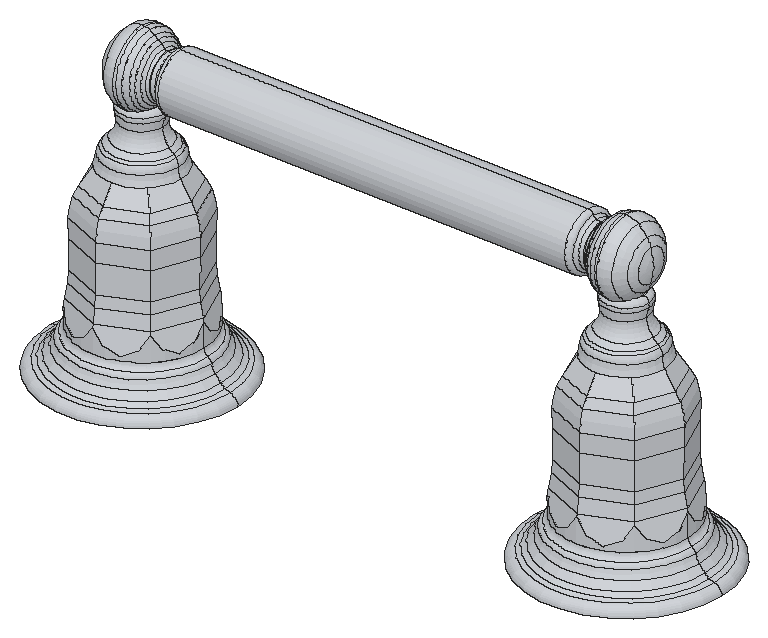
Revit family "Accessory-Tissue_Holder-KOHLER-Kelston-K-13504", category Specialty Equipment, host Face, Revit 2015 (continued)
Definition of nested family "K-13504"
  Lines and regions (in)
    symbolic lines, detail levels medium+fine
      curve 115: spline (3.6173, 0, 1.15828) -> (3.61574, 0, 1.19021) -> (3.61449, 0, 1.22216) -> (3.61355, 0, 1.25414) -> (3.61291, 0, 1.28612) -> (3.61258, 0, 1.31812) -> (3.61256, 0, 1.35012) -> (3.61285, 0, 1.38212) -> (3.61344, 0, 1.41411) -> (3.61434, 0, 1.44609) -> (3.61555, 0, 1.47804) -> (3.61706, 0, 1.50997) -> (3.61888, 0, 1.54187)
      curve 116: spline (3.61888, 0, 1.54187) -> (3.61999, 0, 1.56105) -> (3.62095, 0, 1.58024) -> (3.62175, 0, 1.59945) -> (3.6224, 0, 1.61867) -> (3.6229, 0, 1.6379) -> (3.62325, 0, 1.65713) -> (3.62344, 0, 1.67637) -> (3.62347, 0, 1.69561) -> (3.62336, 0, 1.71485) -> (3.62309, 0, 1.73409) -> (3.62267, 0, 1.75332) -> (3.62209, 0, 1.77255)
      curve 117: spline (3.62209, 0, 1.77255) -> (3.62114, 0, 1.79443) -> (3.61978, 0, 1.81626) -> (3.61801, 0, 1.83804) -> (3.61583, 0, 1.85975) -> (3.61325, 0, 1.88136) -> (3.61026, 0, 1.90287) -> (3.60686, 0, 1.92426) -> (3.60307, 0, 1.94552) -> (3.59888, 0, 1.96662) -> (3.59429, 0, 1.98757) -> (3.58931, 0, 2.00833) -> (3.58394, 0, 2.0289)
      curve 118: spline (3.58394, 0, 2.0289) -> (3.5813, 0, 2.03842) -> (3.57854, 0, 2.04788) -> (3.57569, 0, 2.05727) -> (3.57273, 0, 2.06661) -> (3.56966, 0, 2.07587) -> (3.56649, 0, 2.08507) -> (3.56323, 0, 2.09419) -> (3.55986, 0, 2.10325) -> (3.55639, 0, 2.11222) -> (3.55282, 0, 2.12112) -> (3.54915, 0, 2.12994) -> (3.54539, 0, 2.13868)
      curve 119: spline (3.54539, 0, 2.13868) -> (3.53732, 0, 2.15691) -> (3.52917, 0, 2.17505) -> (3.52092, 0, 2.1931) -> (3.51257, 0, 2.21107) -> (3.50413, 0, 2.22895) -> (3.49559, 0, 2.24674) -> (3.48696, 0, 2.26444) -> (3.47824, 0, 2.28205) -> (3.46943, 0, 2.29957) -> (3.46052, 0, 2.31699) -> (3.45152, 0, 2.33432) -> (3.44243, 0, 2.35156)
      curve 120: line (3.09376, 0, 0.82381) -> (3.09376, 0, 2.35156)
      curve 121: spline (2.53523, 0, 0.82381) -> (2.5357, 0, 0.82691) -> (2.53617, 0, 0.83001) -> (2.53664, 0, 0.83311) -> (2.53711, 0, 0.83621) -> (2.53758, 0, 0.83931) -> (2.53804, 0, 0.84242) -> (2.5385, 0, 0.84552) -> (2.53896, 0, 0.84862) -> (2.53942, 0, 0.85173) -> (2.53988, 0, 0.85483) -> (2.54033, 0, 0.85794) -> (2.54078, 0, 0.86105)
      curve 122: spline (2.54078, 0, 0.86105) -> (2.54253, 0, 0.87322) -> (2.54423, 0, 0.88541) -> (2.54588, 0, 0.89761) -> (2.54749, 0, 0.90982) -> (2.54905, 0, 0.92205) -> (2.55057, 0, 0.93428) -> (2.55204, 0, 0.94653) -> (2.55347, 0, 0.95879) -> (2.55485, 0, 0.97105) -> (2.55619, 0, 0.98333) -> (2.55748, 0, 0.99562) -> (2.55873, 0, 1.00791)
      curve 123: spline (2.55873, 0, 1.00791) -> (2.55994, 0, 1.0204) -> (2.56112, 0, 1.0329) -> (2.56224, 0, 1.0454) -> (2.56331, 0, 1.05792) -> (2.56434, 0, 1.07044) -> (2.56532, 0, 1.08297) -> (2.56626, 0, 1.09551) -> (2.56714, 0, 1.10805) -> (2.56798, 0, 1.1206) -> (2.56878, 0, 1.13316) -> (2.56952, 0, 1.14572) -> (2.57022, 0, 1.15828)
      curve 124: spline (2.57022, 0, 1.15828) -> (2.57177, 0, 1.19021) -> (2.57302, 0, 1.22216) -> (2.57397, 0, 1.25414) -> (2.5746, 0, 1.28612) -> (2.57493, 0, 1.31812) -> (2.57495, 0, 1.35012) -> (2.57467, 0, 1.38212) -> (2.57407, 0, 1.41411) -> (2.57317, 0, 1.44609) -> (2.57197, 0, 1.47804) -> (2.57045, 0, 1.50997) -> (2.56863, 0, 1.54187)
      curve 125: spline (2.56863, 0, 1.54187) -> (2.56752, 0, 1.56105) -> (2.56657, 0, 1.58024) -> (2.56576, 0, 1.59945) -> (2.56511, 0, 1.61867) -> (2.56461, 0, 1.6379) -> (2.56427, 0, 1.65713) -> (2.56408, 0, 1.67637) -> (2.56404, 0, 1.69561) -> (2.56416, 0, 1.71485) -> (2.56443, 0, 1.73409) -> (2.56485, 0, 1.75332) -> (2.56542, 0, 1.77255)
      curve 126: spline (2.56542, 0, 1.77255) -> (2.56637, 0, 1.79443) -> (2.56773, 0, 1.81626) -> (2.5695, 0, 1.83804) -> (2.57168, 0, 1.85975) -> (2.57427, 0, 1.88136) -> (2.57726, 0, 1.90287) -> (2.58065, 0, 1.92426) -> (2.58445, 0, 1.94552) -> (2.58864, 0, 1.96662) -> (2.59323, 0, 1.98757) -> (2.59821, 0, 2.00833) -> (2.60357, 0, 2.0289)
      curve 127: spline (2.60357, 0, 2.0289) -> (2.60622, 0, 2.03842) -> (2.60897, 0, 2.04788) -> (2.61183, 0, 2.05727) -> (2.61479, 0, 2.06661) -> (2.61785, 0, 2.07587) -> (2.62102, 0, 2.08507) -> (2.62429, 0, 2.09419) -> (2.62766, 0, 2.10325) -> (2.63113, 0, 2.11222) -> (2.6347, 0, 2.12112) -> (2.63837, 0, 2.12994) -> (2.64213, 0, 2.13868)
      curve 128: spline (2.64213, 0, 2.13868) -> (2.65019, 0, 2.15691) -> (2.65835, 0, 2.17505) -> (2.6666, 0, 2.1931) -> (2.67495, 0, 2.21107) -> (2.68339, 0, 2.22895) -> (2.69192, 0, 2.24674) -> (2.70055, 0, 2.26444) -> (2.70927, 0, 2.28205) -> (2.71809, 0, 2.29957) -> (2.72699, 0, 2.31699) -> (2.73599, 0, 2.33432) -> (2.74508, 0, 2.35156)
      curve 129: line (0, 0.55853, 0.82381) -> (0, 0.78988, 0.82381)
      curve 130: line (0, 0, 0.82381) -> (0, 0.55853, 0.82381)
      curve 131: line (0, -0.55853, 0.82381) -> (0, 0, 0.82381)
      curve 132: line (0, -0.78988, 0.82381) -> (0, -0.55853, 0.82381)
      curve 133: spline (0, 0.55853, 0.82381) -> (0, 0.55806, 0.82691) -> (0, 0.55759, 0.83001) -> (0, 0.55712, 0.83311) -> (0, 0.55665, 0.83621) -> (0, 0.55618, 0.83931) -> (0, 0.55572, 0.84242) -> (0, 0.55526, 0.84552) -> (0, 0.5548, 0.84862) -> (0, 0.55434, 0.85173) -> (0, 0.55388, 0.85483) -> (0, 0.55343, 0.85794) -> (0, 0.55298, 0.86105)
      curve 134: spline (0, 0.55298, 0.86105) -> (0, 0.55123, 0.87322) -> (0, 0.54953, 0.88541) -> (0, 0.54788, 0.89761) -> (0, 0.54627, 0.90982) -> (0, 0.54471, 0.92205) -> (0, 0.54319, 0.93428) -> (0, 0.54171, 0.94653) -> (0, 0.54029, 0.95879) -> (0, 0.5389, 0.97105) -> (0, 0.53757, 0.98333) -> (0, 0.53628, 0.99562) -> (0, 0.53503, 1.00791)
      curve 135: spline (0, 0.53503, 1.00791) -> (0, 0.53381, 1.0204) -> (0, 0.53264, 1.0329) -> (0, 0.53152, 1.0454) -> (0, 0.53044, 1.05792) -> (0, 0.52941, 1.07044) -> (0, 0.52843, 1.08297) -> (0, 0.5275, 1.09551) -> (0, 0.52661, 1.10805) -> (0, 0.52577, 1.1206) -> (0, 0.52498, 1.13316) -> (0, 0.52424, 1.14572) -> (0, 0.52354, 1.15828)
      curve 136: spline (0, 0.52354, 1.15828) -> (0, 0.52198, 1.19021) -> (0, 0.52073, 1.22216) -> (0, 0.51979, 1.25414) -> (0, 0.51915, 1.28612) -> (0, 0.51883, 1.31812) -> (0, 0.5188, 1.35012) -> (0, 0.51909, 1.38212) -> (0, 0.51968, 1.41411) -> (0, 0.52058, 1.44609) -> (0, 0.52179, 1.47804) -> (0, 0.5233, 1.50997) -> (0, 0.52512, 1.54187)
      curve 137: spline (0, 0.52512, 1.54187) -> (0, 0.52623, 1.56105) -> (0, 0.52719, 1.58024) -> (0, 0.528, 1.59945) -> (0, 0.52865, 1.61867) -> (0, 0.52914, 1.6379) -> (0, 0.52949, 1.65713) -> (0, 0.52968, 1.67637) -> (0, 0.52972, 1.69561) -> (0, 0.5296, 1.71485) -> (0, 0.52933, 1.73409) -> (0, 0.52891, 1.75332) -> (0, 0.52833, 1.77255)
      curve 138: spline (0, 0.52833, 1.77255) -> (0, 0.52738, 1.79443) -> (0, 0.52602, 1.81626) -> (0, 0.52425, 1.83804) -> (0, 0.52208, 1.85975) -> (0, 0.51949, 1.88136) -> (0, 0.5165, 1.90287) -> (0, 0.51311, 1.92426) -> (0, 0.50931, 1.94552) -> (0, 0.50512, 1.96662) -> (0, 0.50053, 1.98757) -> (0, 0.49555, 2.00833) -> (0, 0.49018, 2.0289)
      curve 139: spline (0, 0.49019, 2.0289) -> (0, 0.48754, 2.03842) -> (0, 0.48479, 2.04788) -> (0, 0.48193, 2.05727) -> (0, 0.47897, 2.06661) -> (0, 0.4759, 2.07587) -> (0, 0.47274, 2.08507) -> (0, 0.46947, 2.09419) -> (0, 0.4661, 2.10325) -> (0, 0.46263, 2.11222) -> (0, 0.45906, 2.12112) -> (0, 0.45539, 2.12994) -> (0, 0.45163, 2.13868)
      curve 140: spline (0, 0.45163, 2.13868) -> (0, 0.44357, 2.15691) -> (0, 0.43541, 2.17505) -> (0, 0.42716, 2.1931) -> (0, 0.41881, 2.21107) -> (0, 0.41037, 2.22895) -> (0, 0.40184, 2.24674) -> (0, 0.39321, 2.26444) -> (0, 0.38448, 2.28205) -> (0, 0.37567, 2.29957) -> (0, 0.36676, 2.31699) -> (0, 0.35777, 2.33432) -> (0, 0.34868, 2.35156)
      curve 141: line (0, 0, 0.82381) -> (0, 0, 2.35156)
      curve 142: spline (0, -0.55853, 0.82381) -> (0, -0.55806, 0.82691) -> (0, -0.55759, 0.83001) -> (0, -0.55712, 0.83311) -> (0, -0.55665, 0.83621) -> (0, -0.55618, 0.83931) -> (0, -0.55572, 0.84242) -> (0, -0.55526, 0.84552) -> (0, -0.5548, 0.84862) -> (0, -0.55434, 0.85173) -> (0, -0.55388, 0.85483) -> (0, -0.55343, 0.85794) -> (0, -0.55298, 0.86105)
      curve 143: spline (0, -0.55298, 0.86105) -> (0, -0.55123, 0.87322) -> (0, -0.54953, 0.88541) -> (0, -0.54788, 0.89761) -> (0, -0.54627, 0.90982) -> (0, -0.54471, 0.92205) -> (0, -0.54319, 0.93428) -> (0, -0.54171, 0.94653) -> (0, -0.54029, 0.95879) -> (0, -0.5389, 0.97105) -> (0, -0.53757, 0.98333) -> (0, -0.53628, 0.99562) -> (0, -0.53503, 1.00791)
      curve 144: spline (0, -0.53503, 1.00791) -> (0, -0.53381, 1.0204) -> (0, -0.53264, 1.0329) -> (0, -0.53152, 1.0454) -> (0, -0.53044, 1.05792) -> (0, -0.52941, 1.07044) -> (0, -0.52843, 1.08297) -> (0, -0.5275, 1.09551) -> (0, -0.52661, 1.10805) -> (0, -0.52577, 1.1206) -> (0, -0.52498, 1.13316) -> (0, -0.52424, 1.14572) -> (0, -0.52354, 1.15828)
      curve 145: spline (0, -0.52354, 1.15828) -> (0, -0.52198, 1.19021) -> (0, -0.52073, 1.22216) -> (0, -0.51979, 1.25414) -> (0, -0.51915, 1.28612) -> (0, -0.51883, 1.31812) -> (0, -0.5188, 1.35012) -> (0, -0.51909, 1.38212) -> (0, -0.51968, 1.41411) -> (0, -0.52058, 1.44609) -> (0, -0.52179, 1.47804) -> (0, -0.5233, 1.50997) -> (0, -0.52512, 1.54187)
      curve 146: spline (0, -0.52512, 1.54187) -> (0, -0.52623, 1.56105) -> (0, -0.52719, 1.58024) -> (0, -0.528, 1.59945) -> (0, -0.52865, 1.61867) -> (0, -0.52914, 1.6379) -> (0, -0.52949, 1.65713) -> (0, -0.52968, 1.67637) -> (0, -0.52972, 1.69561) -> (0, -0.5296, 1.71485) -> (0, -0.52933, 1.73409) -> (0, -0.52891, 1.75332) -> (0, -0.52833, 1.77255)
      curve 147: spline (0, -0.52833, 1.77255) -> (0, -0.52738, 1.79443) -> (0, -0.52602, 1.81626) -> (0, -0.52425, 1.83804) -> (0, -0.52208, 1.85975) -> (0, -0.51949, 1.88136) -> (0, -0.5165, 1.90287) -> (0, -0.51311, 1.92426) -> (0, -0.50931, 1.94552) -> (0, -0.50512, 1.96662) -> (0, -0.50053, 1.98757) -> (0, -0.49555, 2.00833) -> (0, -0.49018, 2.0289)
      curve 148: spline (0, -0.49019, 2.0289) -> (0, -0.48754, 2.03842) -> (0, -0.48479, 2.04788) -> (0, -0.48193, 2.05727) -> (0, -0.47897, 2.06661) -> (0, -0.4759, 2.07587) -> (0, -0.47274, 2.08507) -> (0, -0.46947, 2.09419) -> (0, -0.4661, 2.10325) -> (0, -0.46263, 2.11222) -> (0, -0.45906, 2.12112) -> (0, -0.45539, 2.12994) -> (0, -0.45163, 2.13868)
      curve 149: spline (0, -0.45163, 2.13868) -> (0, -0.44357, 2.15691) -> (0, -0.43541, 2.17505) -> (0, -0.42716, 2.1931) -> (0, -0.41881, 2.21107) -> (0, -0.41037, 2.22895) -> (0, -0.40184, 2.24674) -> (0, -0.39321, 2.26444) -> (0, -0.38448, 2.28205) -> (0, -0.37567, 2.29957) -> (0, -0.36676, 2.31699) -> (0, -0.35777, 2.33432) -> (0, -0.34868, 2.35156)
      curve 150: line (-3.09376, 0.74917, 0) -> (-3.62388, 0.52962, 0)
      curve 151: line (-3.62388, 0.52962, 0) -> (-3.84288, 0, 0)
      curve 152: line (-3.09376, -0.74917, 0) -> (-3.62388, -0.52962, 0)
      curve 153: line (-3.62388, -0.52962, 0) -> (-3.84288, 0, 0)
      curve 154: line (-3.09376, 0.74917, 0) -> (-2.56363, 0.52962, 0)
      curve 155: line (-2.56363, 0.52962, 0) -> (-2.49511, 0.36391, 0)
      curve 156: line (-3.09376, -0.74917, 0) -> (-2.56363, -0.52962, 0)
      curve 157: line (-2.56363, -0.52962, 0) -> (-2.49511, -0.36391, 0)
      curve 158: line (-3.09376, 0.74917, 0) -> (-3.09376, 0.48956, 0)
      curve 159: line (-3.84288, 0, 0) -> (-3.58332, 0, 0)
      curve 160: line (-3.09376, -0.74917, 0) -> (-3.09376, -0.48956, 0)
      curve 161: line (-3.62388, 0.52962, 0) -> (-3.44018, 0.34592, 0)
      curve 162: line (-3.62388, -0.52962, 0) -> (-3.44018, -0.34592, 0)
      curve 163: line (-2.56363, 0.52962, 0) -> (-2.74733, 0.34592, 0)
      curve 164: line (-2.56363, -0.52962, 0) -> (-2.74733, -0.34592, 0)
      curve 165: line (3.09376, 0.74917, 0) -> (3.62388, 0.52962, 0)
      curve 166: line (3.62388, 0.52962, 0) -> (3.84288, 0, 0)
      curve 167: line (3.09376, -0.74917, 0) -> (3.62388, -0.52962, 0)
      curve 168: line (3.62388, -0.52962, 0) -> (3.84288, 0, 0)
      curve 169: line (3.09376, 0.74917, 0) -> (2.56363, 0.52962, 0)
      curve 170: line (2.56363, 0.52962, 0) -> (2.49511, 0.36391, 0)
      curve 171: line (3.09376, -0.74917, 0) -> (2.56363, -0.52962, 0)
      curve 172: line (2.56363, -0.52962, 0) -> (2.49511, -0.36391, 0)
      curve 173: line (3.09376, 0.74917, 0) -> (3.09376, 0.48956, 0)
      curve 174: line (3.84288, 0, 0) -> (3.58332, 0, 0)
      curve 175: line (3.09376, -0.74917, 0) -> (3.09376, -0.48956, 0)
      curve 176: line (3.62388, 0.52962, 0) -> (3.44018, 0.34592, 0)
      curve 177: line (3.62388, -0.52962, 0) -> (3.44018, -0.34592, 0)
      curve 178: line (2.56363, 0.52962, 0) -> (2.74733, 0.34592, 0)
      curve 179: line (2.56363, -0.52962, 0) -> (2.74733, -0.34592, 0)
  Dimensions and locks (in)
    plane 4 to plane 2 = 3 15/16"
    plane 7 to plane 5 = 8 5/8"
    plane 6 to plane 5 = 2 7/16"
    plane 11 to plane 10 = 2 7/16"
    aligned and locked: plane 2 to level
Types (4): name | Type | Model | Finish
  (no name) | 1 | "K-13504-CP" | Kohler-Metal-CP-Polished_Chrome
  CP-Polished Chrome | 1 | "K-13504-CP" | Kohler-Metal-CP-Polished_Chrome
  BN-Vibrant Brushed Nickel | 2 | "K-13504-BN" | Kohler-Metal-BN-Vibrant_Brushed_Nickel
  2BZ-Oil-Rubbed Bronze | 3 | "K-13504-2BZ" | Kohler-Metal-2BZ-Oil_Rubbed_Bronze
